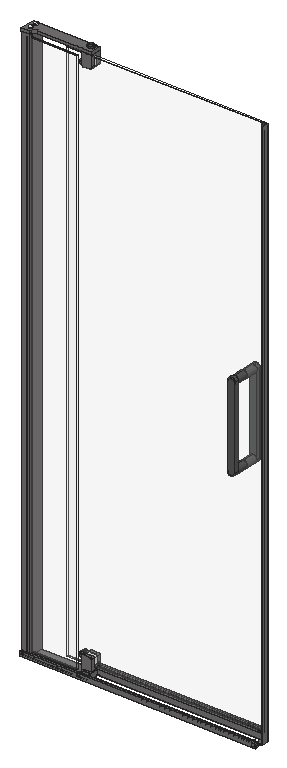
Revit family "Shower-Shower_Door-KOHLER-Revel-K-707506_1", category Specialty Equipment, host Face, Revit 2022 (continued)
Definition of nested family "K-707506"
  Automatic sketch dimensions
    Extrusion 1 sketch curve to Extrusion 1 sketch curve = 0.18081"
    Extrusion 1 sketch curve to Extrusion 1 sketch curve = 0.16905"
    Extrusion 2 sketch curve to plane 15 = 0"
    Extrusion 2 sketch curve to level = 0"
    Extrusion 2 sketch curve to Extrusion 2 sketch curve = 0.02565"
    Extrusion 2 sketch curve to Extrusion 2 sketch curve = 0.04849"
    Extrusion 2 sketch curve to plane 15 = 0.06835"
    Extrusion 2 sketch curve to Extrusion 2 sketch curve = 0.01986"
    Extrusion 2 sketch curve to Extrusion 2 sketch curve = 0.13"
    Extrusion 2 sketch curve to Extrusion 2 sketch curve = 0.03"
    Extrusion 2 sketch curve to Extrusion 2 sketch curve = 0.02306"
    level to Extrusion 2 sketch curve = 0.06"
    plane 1 "Center (Front/Back)" to Extrusion 2 sketch curve = 0.33625"
    Extrusion 2 sketch curve to level = 0.00012"
    Extrusion 2 sketch curve to Extrusion 2 sketch curve = 0.05002"
    Extrusion 2 sketch curve to Extrusion 2 sketch curve = 0.06012"
    Extrusion 2 sketch curve to Extrusion 2 sketch curve = 0.238"
    Extrusion 2 sketch curve to Extrusion 2 sketch curve = 0.197"
    Extrusion 2 sketch curve to Extrusion 2 sketch curve = 0.03927"
    Extrusion 3 sketch curve to plane 15 = 0"
    Extrusion 3 sketch curve to plane 16 = 0"
    plane 15 to Extrusion 3 sketch curve = 0.01592"
    Extrusion 3 sketch curve to Extrusion 3 sketch curve = 0.01926"
    Extrusion 3 sketch curve to plane 15 = 0.27398"
    Extrusion 3 sketch curve to Extrusion 3 sketch curve = 0.02839"
    level to Extrusion 3 sketch curve = 0.12718"
    Extrusion 3 sketch curve to Extrusion 3 sketch curve = 0.02873"
    Extrusion 3 sketch curve to Extrusion 3 sketch curve = 0.00215"
    Extrusion 3 sketch curve to Extrusion 3 sketch curve = 0.01786"
    Extrusion 3 sketch curve to Extrusion 3 sketch curve = 0.03964"
    level to Extrusion 3 sketch curve = 0.02652"
    plane 1 "Center (Front/Back)" to Extrusion 3 sketch curve = 0.30312"
    Extrusion 3 sketch curve to level = 0.00012"
    level to Extrusion 3 sketch curve = 0.03263"
    Extrusion 3 sketch curve to plane 1 "Center (Front/Back)" = 0.27012"
    Extrusion 3 sketch curve to Extrusion 3 sketch curve = 0.02863"
    level to Extrusion 3 sketch curve = 0.03588"
    Extrusion 3 sketch curve to Extrusion 3 sketch curve = 0.03586"
    Extrusion 3 sketch curve to Extrusion 3 sketch curve = 0.17605"
    plane 16 to Extrusion 3 sketch curve = 0.01936"
    Extrusion 6 sketch curve to plane 14 = 0"
    Extrusion 6 sketch curve to plane 15 = 0.20009"
    Extrusion 6 sketch curve to plane 18 = 0.45693"
    Extrusion 6 sketch curve to Extrusion 6 sketch curve = 0.09093"
    Extrusion 6 sketch curve to Extrusion 6 sketch curve = 0.51584"
    Extrusion 6 sketch curve to Extrusion 6 sketch curve = 0.07427"
    Extrusion 9 sketch curve to level = 0"
    Extrusion 9 sketch curve to plane 15 = 0.06835"
    Extrusion 9 sketch curve to Extrusion 9 sketch curve = 0.0575"
    Extrusion 9 sketch curve to Extrusion 9 sketch curve = 0.11628"
    Extrusion 9 sketch curve to Extrusion 9 sketch curve = 0.01"
    Extrusion 9 sketch curve to Extrusion 9 sketch curve = 0.0365"
    Extrusion 9 sketch curve to Extrusion 9 sketch curve = 0.03091"
    Extrusion 9 sketch curve to Extrusion 9 sketch curve = 0.05911"
    Extrusion 9 sketch curve to Extrusion 9 sketch curve = 0.03497"
    Extrusion 9 sketch curve to Extrusion 9 sketch curve = 0.04573"
    Extrusion 9 sketch curve to plane 16 = 0.00492"
    plane 1 "Center (Front/Back)" to Extrusion 9 sketch curve = 0.2715"
    Extrusion 9 sketch curve to plane 14 = 0.07674"
    Extrusion 9 sketch curve to Extrusion 9 sketch curve = 1/32"
    level to Extrusion 9 sketch curve = 0.13559"
    Extrusion 9 sketch curve to Extrusion 9 sketch curve = 0.01028"
    Extrusion 9 sketch curve to Extrusion 9 sketch curve = 0.05172"
    Extrusion 9 sketch curve to plane 16 = 0.14992"
    Extrusion 9 sketch curve to plane 16 = 0.0399"
    level to Extrusion 9 sketch curve = 1/16"
    plane 19 "A" to Extrusion 9 sketch curve = 0.17075"
    Extrusion 9 sketch curve to Extrusion 9 sketch curve = 0.06091"
    Extrusion 9 sketch curve to Extrusion 9 sketch curve = 0.04562"
    plane 5 to Extrusion 10 sketch curve = 0.28002"
    Extrusion 10 sketch curve to Extrusion 10 sketch curve = 0.03852"
    Extrusion 10 sketch curve to Extrusion 10 sketch curve = 0.24016"
    Extrusion 10 sketch curve to Extrusion 10 sketch curve = 0.77078"
    plane 16 to Extrusion 10 sketch curve = 0.16295"
    Extrusion 10 sketch curve to Extrusion 10 sketch curve = 1.17211"
    Extrusion 10 sketch curve to Extrusion 10 sketch curve = 0.23907"
    Extrusion 10 sketch curve to Extrusion 10 sketch curve = 1.40932"
    plane 16 to Extrusion 11 sketch curve = 0.46758"
    plane 1 "Center (Front/Back)" to Extrusion 11 sketch curve = 0.223"
    Extrusion 11 sketch curve to plane 20 "B" = 0.04449"
    Extrusion 11 sketch curve to Extrusion 11 sketch curve = 1.5748"
    plane 16 to Extrusion 12 sketch curve = 0.46758"
    Extrusion 12 sketch curve to Extrusion 12 sketch curve = 0.21938"
    Extrusion 12 sketch curve to Extrusion 12 sketch curve = 0.22047"
    plane 5 to Extrusion 12 sketch curve = 0.29971"
    Extrusion 12 sketch curve to Extrusion 12 sketch curve = 0.77078"
    Extrusion 12 sketch curve to Extrusion 12 sketch curve = 1.10384"
    plane 20 "B" to Revolve 13 sketch curve = 0.069"
    plane 20 "B" to Revolve 13 sketch curve = 0.02888"
    Revolve 13 sketch curve to plane 20 "B" = 0.14723"
    Revolve 13 sketch curve to Revolve 13 sketch curve = 0.03917"  (x2)
    plane 1 "Center (Front/Back)" to Revolve 13 sketch curve = 0.097"
    Revolve 13 sketch curve to Revolve 13 sketch curve = 0.17611"
    Revolve 13 sketch curve to plane 5 = 0.03234"  (x2)
    Revolve 13 sketch curve to plane 19 "A" = 0.19948"
    Revolve 13 sketch curve to plane 5 = 0.18945"
    Revolve 13 sketch curve to Revolve 13 sketch curve = 0.1116"  (x2)
    Revolve 13 sketch curve to Revolve 13 sketch curve = 0.00353"  (x2)
    Revolve 13 sketch curve to Revolve 13 sketch curve = 0.138"
    Revolve 13 sketch curve to Revolve 13 sketch curve = 0"
    plane 5 to Extrusion 14 sketch curve = 0.48346"
    Extrusion 14 sketch curve to Extrusion 14 sketch curve = 0.10908"  (x6)
    Extrusion 14 sketch curve to Extrusion 14 sketch curve = 0"  (x2)
    plane 21 "C" to Extrusion 14 sketch curve = 0.50302"  (x2)
    Extrusion 14 sketch curve to Extrusion 14 sketch curve = 0.40681"
    plane 21 "C" to Extrusion 14 sketch curve = 0.44004"
    Extrusion 14 sketch curve to Extrusion 14 sketch curve = 0.06298"  (x6)
    Extrusion 14 sketch curve to Extrusion 14 sketch curve = 0.12596"  (x5)
    Revolve 15 sketch curve to plane 5 = 0"  (x2)
    plane 20 "B" to Revolve 15 sketch curve = 0.07592"
    plane 20 "B" to Revolve 15 sketch curve = 0.0358"
    Revolve 15 sketch curve to plane 20 "B" = 0.14031"
    Revolve 15 sketch curve to Revolve 15 sketch curve = 0.03917"  (x2)
    plane 1 "Center (Front/Back)" to Revolve 15 sketch curve = 0.09007"
    Revolve 15 sketch curve to Revolve 15 sketch curve = 0.17611"
    Revolve 15 sketch curve to Revolve 15 sketch curve = 0.04012"
    Revolve 15 sketch curve to plane 5 = 0.15711"
    Revolve 15 sketch curve to Revolve 15 sketch curve = 0.1116"  (x2)
    Revolve 15 sketch curve to Revolve 15 sketch curve = 0.00353"  (x2)
    Revolve 15 sketch curve to Revolve 15 sketch curve = 0.04117"
    Revolve 15 sketch curve to Revolve 15 sketch curve = 0.03191"
    plane 1 "Center (Front/Back)" to Extrusion 16 sketch curve = 0.1776"
    plane 1 "Center (Front/Back)" to Extrusion 16 sketch curve = 0.13662"
    Extrusion 16 sketch curve to Extrusion 16 sketch curve = 0.01969"
    plane 1 "Center (Front/Back)" to Extrusion 16 sketch curve = 0.097"
    Extrusion 16 sketch curve to plane 1 "Center (Front/Back)" = 0.019"
    Extrusion 16 sketch curve to plane 1 "Center (Front/Back)" = 0.135"
    Extrusion 16 sketch curve to Extrusion 16 sketch curve = 0.01577"
    Extrusion 16 sketch curve to Extrusion 16 sketch curve = 0.06816"
    Extrusion 16 sketch curve to Extrusion 16 sketch curve = 0.02029"
    Extrusion 16 sketch curve to plane 20 "B" = 0.05981"
    Extrusion 16 sketch curve to plane 20 "B" = 0.04455"
    Extrusion 16 sketch curve to Extrusion 16 sketch curve = 0.00192"
    Extrusion 16 sketch curve to Extrusion 16 sketch curve = 0.02195"
    plane 20 "B" to Extrusion 16 sketch curve = 0.02709"
    plane 20 "B" to Extrusion 16 sketch curve = 0.1554"
    Extrusion 16 sketch curve to Extrusion 16 sketch curve = 0.13668"
    Extrusion 16 sketch curve to plane 14 = 0.10279"
    plane 12 to Extrusion 16 sketch curve = 0.13751"
    level to Extrusion 16 sketch curve = 0.02205"
    plane 16 to Extrusion 16 sketch curve = 0.38094"
    plane 16 to Extrusion 16 sketch curve = 0.46758"
    Extrusion 16 sketch curve to Extrusion 16 sketch curve = 0.05297"
    Extrusion 16 sketch curve to Extrusion 16 sketch curve = 0.08"
    Extrusion 16 sketch curve to Extrusion 16 sketch curve = 0.0482"  (x2)
    Extrusion 16 sketch curve to Extrusion 16 sketch curve = 0.00549"
    Extrusion 16 sketch curve to Extrusion 16 sketch curve = 0.13016"
    Extrusion 16 sketch curve to Extrusion 16 sketch curve = 0.17562"
    Extrusion 16 sketch curve to Extrusion 16 sketch curve = 0.03365"
    Extrusion 16 sketch curve to Extrusion 16 sketch curve = 0.22138"
    Extrusion 16 sketch curve to Extrusion 16 sketch curve = 0.42658"
    Extrusion 16 sketch curve to Extrusion 16 sketch curve = 0.04739"
    Extrusion 16 sketch curve to plane 21 "C" = 0.6411"
    Extrusion 16 sketch curve to Extrusion 16 sketch curve = 0"  (x4)
    Extrusion 16 sketch curve to Extrusion 16 sketch curve = 0.02488"
    Extrusion 16 sketch curve to plane 20 "B" = 0.00715"
    Extrusion 16 sketch curve to Extrusion 16 sketch curve = 0.00661"
    Extrusion 16 sketch curve to Extrusion 16 sketch curve = 0.04025"
    plane 1 "Center (Front/Back)" to Extrusion 18 sketch curve = 0.22762"
    Extrusion 18 sketch curve to plane 20 "B" = 0.08637"
    Revolve 22 sketch curve to plane 11 = 0"
    plane 24 to Revolve 22 sketch curve = 0.24424"
    plane 12 to Revolve 22 sketch curve = 0.51403"
    Revolve 22 sketch curve to plane 1 "Center (Front/Back)" = 0.135"
    plane 1 "Center (Front/Back)" to Revolve 22 sketch curve = 0.097"
    Revolve 22 sketch curve to plane 15 = 0.05765"
    Revolve 22 sketch curve to plane 12 = 1.06078"
    Revolve 22 sketch curve to Revolve 22 sketch curve = 0.3937"
    plane 1 "Center (Front/Back)" to Revolve 23 sketch curve = 0.097"
    Revolve 23 sketch curve to plane 25 = 0.24424"
    Revolve 23 sketch curve to plane 1 "Center (Front/Back)" = 0.135"
    plane 12 to Revolve 23 sketch curve = 0.51403"
    Revolve 23 sketch curve to plane 15 = 0.05765"
    Revolve 23 sketch curve to plane 12 = 3.81668"
    Revolve 23 sketch curve to Revolve 23 sketch curve = 0.7874"
    Sweep 24 sketch curve to profile plane = 0"
    Sweep 24 sketch curve to profile plane = 0.03819"
    Sweep 24 sketch curve to Sweep 24 sketch curve = 0.03217"
    plane 1 "Center (Front/Back)" to Sweep 24 sketch curve = 1.47495"
    Sweep 24 sketch curve to Sweep 24 sketch curve = 0.48457"
    Extrusion 25 sketch curve to plane 25 = 0"
    Sweep 26 sketch curve to profile plane = 0"
    profile plane to Sweep 26 sketch curve = 0.03596"
    Sweep 26 sketch curve to plane 1 "Center (Front/Back)" = 2.10994"
    Sweep 26 sketch curve to Sweep 26 sketch curve = 0.47807"
    Sweep 26 sketch curve to Sweep 26 sketch curve = 0.04726"
    Extrusion 27 sketch curve to plane 24 = 0"
    Extrusion 27 sketch curve to plane 25 = 0"
    plane 5 to Extrusion 28 sketch curve = 0.88913"
    plane 1 "Center (Front/Back)" to Extrusion 28 sketch curve = 0"
    plane 18 to Extrusion 5 sketch curve = 0.07962"  (x2)
    Extrusion 5 sketch curve to plane 18 = 0.12868"
    Extrusion 5 sketch curve to plane 5 = 61/256"
    Extrusion 5 sketch curve to plane 5 = 0.03"  (x2)
    Extrusion 5 sketch curve to plane 15 = 0.4581"
    Extrusion 5 sketch curve to Extrusion 5 sketch curve = 0.11575"
    Extrusion 4 sketch curve to plane 4 = 0"  (x3)
    Extrusion 4 sketch curve to Extrusion 4 sketch curve = 0.0602"  (x3)
    plane 18 to Extrusion 4 sketch curve = 0.07962"  (x2)
    Extrusion 4 sketch curve to plane 18 = 0.12868"
    Extrusion 4 sketch curve to Extrusion 4 sketch curve = 0.35216"
    Extrusion 4 sketch curve to plane 14 = 0.06541"
    Extrusion 4 sketch curve to plane 18 = 0.48463"
    Extrusion 4 sketch curve to Extrusion 4 sketch curve = 0.08028"
    Extrusion 4 sketch curve to plane 20 "B" = 0.05739"
    Extrusion 4 sketch curve to Extrusion 4 sketch curve = 0.06414"
    Extrusion 4 sketch curve to plane 19 "A" = 0.12285"
    Extrusion 4 sketch curve to plane 19 "A" = 0.05862"
    plane 19 "A" to Extrusion 4 sketch curve = 0.29112"
    Extrusion 4 sketch curve to Extrusion 4 sketch curve = 0.11575"
    Extrusion 4 sketch curve to plane 15 = 0.32135"
    Extrusion 4 sketch curve to Extrusion 4 sketch curve = 0.063"
    Revolve 7 sketch curve to plane 7 = 0.10388"
    Revolve 7 sketch curve to Revolve 7 sketch curve = 0.03277"
    Revolve 7 sketch curve to Revolve 7 sketch curve = 0.17753"
    Revolve 7 sketch curve to plane 26 = 0.02929"
    Revolve 7 sketch curve to Revolve 7 sketch curve = 0.2419"
    Revolve 8 sketch curve to Revolve 8 sketch curve = 0.03277"
    Revolve 8 sketch curve to Revolve 8 sketch curve = 0.17753"
    Revolve 8 sketch curve to plane 7 = 0.10388"
    plane 26 to Revolve 8 sketch curve = 0.01062"
    Revolve 8 sketch curve to plane 26 = 0.13893"
    Extrusion 17 sketch curve to Extrusion 17 sketch curve = 0.03321"  (x2)
    plane 9 "D" to Extrusion 17 sketch curve = 0.02692"  (x2)
    plane 5 to Extrusion 17 sketch curve = 1.51598"
    plane 5 to Extrusion 17 sketch curve = 0.51469"
    plane 5 to Extrusion 19 sketch curve = 0.28196"
    plane 9 "D" to Extrusion 19 sketch curve = 0.02692"  (x2)
    Extrusion 19 sketch curve to Extrusion 19 sketch curve = 0.23273"
    Extrusion 19 sketch curve to Extrusion 19 sketch curve = 0.74888"
    plane 23 to Extrusion 21 sketch curve = 0.06719"  (x4)
    plane 5 to Extrusion 21 sketch curve = 0.46627"
    Extrusion 21 sketch curve to plane 23 = 0.12174"  (x2)
    Extrusion 21 sketch curve to Extrusion 21 sketch curve = 0.10908"  (x7)
    plane 23 to Extrusion 21 sketch curve = 0.00422"  (x2)
    Extrusion 21 sketch curve to plane 22 = 0.12366"  (x2)
    Extrusion 21 sketch curve to Extrusion 21 sketch curve = 0.40862"
    Extrusion 21 sketch curve to Extrusion 21 sketch curve = 0"
    Extrusion 21 sketch curve to plane 23 = 0.05876"  (x4)
    Masking region 1 sketch curve to Masking region 1 sketch curve = 0"  (x2)
    plane 18 to Masking region 1 sketch curve = 0"
    Masking region 1 sketch curve to plane 7 = 0"  (x2)
    Masking region 1 sketch curve to plane 5 = 0"
    Masking region 1 sketch curve to plane 26 = 0"
    Masking region 1 sketch curve to plane 16 = 0"  (x2)
    Masking region 1 sketch curve to plane 8 = 0"
    Masking region 1 sketch curve to plane 17 = 0"
    Masking region 1 sketch curve to level = 0"
    plane 18 to Masking region 1 sketch curve = 0.246"
    Masking region 1 sketch curve to plane 18 = 0.246"
    plane 5 to Masking region 1 sketch curve = 0.26228"
    Masking region 1 sketch curve to plane 8 = 0.07121"  (x2)
    Masking region 1 sketch curve to Masking region 1 sketch curve = 0.00478"
    Masking region 1 sketch curve to Masking region 1 sketch curve = 0.28002"
    Masking region 1 sketch curve to Masking region 1 sketch curve = 0.03852"
    Masking region 1 sketch curve to Masking region 1 sketch curve = 0.11286"  (x2)
    plane 7 to Masking region 1 sketch curve = 0.1409"  (x2)
    plane 26 to Masking region 1 sketch curve = 0.16051"  (x2)
    Masking region 1 sketch curve to Masking region 1 sketch curve = 0.03457"  (x2)
    plane 26 to Masking region 1 sketch curve = 0.02092"  (x2)
    Masking region 1 sketch curve to Masking region 1 sketch curve = 0.01962"
    plane 26 to Masking region 1 sketch curve = 0.02431"
    plane 16 to Masking region 1 sketch curve = 0.12358"  (x2)
    Masking region 1 sketch curve to Masking region 1 sketch curve = 0.33436"
    Masking region 1 sketch curve to Masking region 1 sketch curve = 0.27402"  (x2)
    Masking region 1 sketch curve to Masking region 1 sketch curve = 23/256"  (x2)
    Masking region 1 sketch curve to Masking region 1 sketch curve = 0.47038"  (x2)
    Masking region 1 sketch curve to Masking region 1 sketch curve = 0.47244"
    Masking region 1 sketch curve to Masking region 1 sketch curve = 0.04616"
    Masking region 1 sketch curve to Masking region 1 sketch curve = 0.02407"
    Masking region 1 sketch curve to Masking region 1 sketch curve = 0.3653"
    Masking region 1 sketch curve to Masking region 1 sketch curve = 0.11765"
    Masking region 1 sketch curve to Masking region 1 sketch curve = 0.03937"  (x2)
    Masking region 1 sketch curve to Masking region 1 sketch curve = 0.32607"
    Masking region 1 sketch curve to Masking region 1 sketch curve = 0.30548"
    Masking region 1 sketch curve to Masking region 1 sketch curve = 0.09599"  (x2)
    Masking region 1 sketch curve to plane 7 = 0.10415"
    Masking region 1 sketch curve to Masking region 1 sketch curve = 0.03277"
    Masking region 2 sketch curve to Masking region 2 sketch curve = 0"  (x6)
    Masking region 2 sketch curve to level = 0"  (x2)
    Masking region 2 sketch curve to plane 15 = 0"  (x2)
    Masking region 2 sketch curve to plane 10 = 0"
    Masking region 2 sketch curve to plane 12 = 0"
    Masking region 2 sketch curve to plane 13 = 0"
    Masking region 2 sketch curve to plane 11 = 0"  (x2)
    Masking region 2 sketch curve to plane 8 = 0"
    Masking region 2 sketch curve to plane 19 "A" = 0"
    Masking region 2 sketch curve to plane 20 "B" = 0"
    Masking region 2 sketch curve to plane 7 = 0"  (x2)
    Masking region 2 sketch curve to plane 14 = 0"
    Masking region 2 sketch curve to level = 0.00012"
    level to Masking region 2 sketch curve = 0.01986"
    Masking region 2 sketch curve to Masking region 2 sketch curve = 0.0269"
    level to Masking region 2 sketch curve = 0.03588"
    Masking region 2 sketch curve to Masking region 2 sketch curve = 0.0331"
    Masking region 2 sketch curve to Masking region 2 sketch curve = 0.00251"
    Masking region 2 sketch curve to Masking region 2 sketch curve = 0.05002"
    Masking region 2 sketch curve to Masking region 2 sketch curve = 0.06012"
    Masking region 2 sketch curve to Masking region 2 sketch curve = 0.0053"
    level to Masking region 2 sketch curve = 0.21702"
    Masking region 2 sketch curve to Masking region 2 sketch curve = 0.03298"  (x2)
    Masking region 2 sketch curve to Masking region 2 sketch curve = 0.12887"
    Masking region 2 sketch curve to Masking region 2 sketch curve = 0.04783"
    Masking region 2 sketch curve to Masking region 2 sketch curve = 0.04523"
    Masking region 2 sketch curve to Masking region 2 sketch curve = 0.056"
    Masking region 2 sketch curve to Masking region 2 sketch curve = 0.112"
    Masking region 2 sketch curve to plane 16 = 0.06492"
    plane 16 to Masking region 2 sketch curve = 0.01936"
    Masking region 2 sketch curve to Masking region 2 sketch curve = 0.0226"
    Masking region 2 sketch curve to plane 14 = 0.01249"  (x4)
    plane 16 to Masking region 2 sketch curve = 0.12358"
    plane 14 to Masking region 2 sketch curve = 0.03695"  (x2)
    Masking region 2 sketch curve to Masking region 2 sketch curve = 0.65502"
    plane 21 "C" to Masking region 2 sketch curve = 0.37702"
    Masking region 2 sketch curve to plane 21 "C" = 0.278"
    Masking region 2 sketch curve to Masking region 2 sketch curve = 0.03937"
    Masking region 2 sketch curve to Masking region 2 sketch curve = 0.04189"
    Masking region 2 sketch curve to plane 15 = 0.05765"
    plane 25 to Masking region 2 sketch curve = 0.49008"
    Masking region 2 sketch curve to plane 14 = 0.06541"  (x3)
    plane 25 to Masking region 2 sketch curve = 0.49213"
    Masking region 2 sketch curve to plane 24 = 0.49213"  (x2)
    Masking region 2 sketch curve to plane 11 = 0.03937"
    Masking region 2 sketch curve to plane 11 = 0.03773"
    plane 9 "D" to Masking region 2 sketch curve = 0.27933"
    Masking region 2 sketch curve to plane 23 = 0.18476"
    Masking region 2 sketch curve to plane 22 = 0.06065"
    Masking region 2 sketch curve to plane 8 = 0.13399"
    Masking region 2 sketch curve to plane 7 = 0.10301"  (x2)
    Masking region 2 sketch curve to Masking region 2 sketch curve = 0.03265"  (x3)
    plane 20 "B" to Masking region 2 sketch curve = 0.05679"
    plane 7 to Masking region 2 sketch curve = 0.17155"
    plane 20 "B" to Masking region 2 sketch curve = 0.03811"
    Masking region 2 sketch curve to Masking region 2 sketch curve = 0.03235"
    plane 26 to Masking region 2 sketch curve = 0.03296"  (x2)
    plane 26 to Masking region 2 sketch curve = 0.02837"  (x2)
    plane 12 to Masking region 2 sketch curve = 0.51403"
    Masking region 2 sketch curve to Masking region 2 sketch curve = 0.05292"  (x2)
    Masking region 2 sketch curve to plane 14 = 0.07674"
    plane 20 "B" to Masking region 2 sketch curve = 0.00335"
    Masking region 2 sketch curve to plane 20 "B" = 0.01523"
    plane 1 "Center (Front/Back)" to Masking region 2 sketch curve = 0.23689"
    Masking region 2 sketch curve to Masking region 2 sketch curve = 0.03674"
    Masking region 2 sketch curve to plane 19 "A" = 0.27565"
    Masking region 2 sketch curve to Masking region 2 sketch curve = 0.06964"
    Masking region 2 sketch curve to Masking region 2 sketch curve = 0.08795"
    Masking region 2 sketch curve to Masking region 2 sketch curve = 0.03313"
    Masking region 2 sketch curve to Masking region 2 sketch curve = 0.03477"
    Masking region 2 sketch curve to plane 15 = 0.25835"  (x2)
    Masking region 2 sketch curve to Masking region 2 sketch curve = 0.2007"
    Masking region 2 sketch curve to plane 15 = 0.25635"
    Masking region 2 sketch curve to Masking region 2 sketch curve = 0.028"
    Masking region 2 sketch curve to Masking region 2 sketch curve = 0.0365"
    Masking region 2 sketch curve to plane 15 = 0.20009"
    Masking region 2 sketch curve to Masking region 2 sketch curve = 0.01419"
    Masking region 2 sketch curve to Masking region 2 sketch curve = 0.00901"
    Masking region 2 sketch curve to Masking region 2 sketch curve = 0.0575"
    Masking region 2 sketch curve to plane 15 = 0.06835"  (x2)
    plane 15 to Masking region 2 sketch curve = 0.01592"
    curve 42 to level = 0"
    curve 41 to plane 15 = 0"
    curve 40 to plane 16 = 0"
    curve 53 to plane 10 = 0"
    curve 55 to plane 10 = 0"
    curve 56 to plane 10 = 0"
    curve 54 to plane 10 = 0"
    curve 60 to plane 11 = 0"
    curve 57 to plane 11 = 0"
    curve 59 to plane 11 = 0"
    curve 58 to plane 11 = 0"
    curve 50 to plane 8 = 0"
    curve 64 to plane 7 = 0"
    curve 65 to plane 7 = 0"
    level to curve 38 = 1/4"
    curve 41 to curve 41 = 0.02565"
    curve 39 to plane 16 = 0.02306"
    curve 69 to plane 20 "B" = 0.00166"
    curve 69 to plane 7 = 0.10106"
    curve 67 to curve 67 = 0.03265"
    curve 67 to plane 1 "Center (Front/Back)" = 0.07518"
    curve 38 to plane 15 = 0.25835"
    level to curve 44 = 0.06988"
    curve 44 to curve 44 = 0.06012"
    curve 44 to curve 43 = 0.13028"
    curve 43 to curve 41 = 0.12427"
    curve 40 to curve 38 = 0.04195"
    plane 16 to curve 45 = 0.12358"
    curve 46 to plane 14 = 0.01249"
    curve 45 to curve 46 = 0.65502"
    plane 21 "C" to curve 46 = 0.37702"
    curve 45 to plane 14 = 0.06541"
    curve 45 to plane 21 "C" = 0.278"
    curve 56 to plane 15 = 0.05765"
    plane 25 to curve 56 = 0.49008"
    curve 56 to curve 54 = 0"
    curve 53 to plane 14 = 0.06541"
    plane 25 to curve 53 = 0.49213"
    plane 25 to curve 55 = 0.49213"
    curve 57 to plane 14 = 0.06541"
    curve 57 to plane 24 = 0.49213"
    curve 60 to plane 15 = 0.05765"
    curve 60 to plane 24 = 0.49213"
    curve 60 to curve 59 = 0"
    curve 58 to plane 24 = 0.49213"
    curve 61 to plane 14 = 0.06541"
    plane 9 "D" to curve 61 = 0.27933"
    curve 62 to plane 14 = 0.01249"
    curve 62 to plane 23 = 0.18476"
    curve 62 to plane 22 = 0.06065"
    curve 61 to plane 8 = 0.13399"
    curve 65 to curve 66 = 0.03265"
    curve 71 to plane 20 "B" = 0.14018"
    plane 20 "B" to curve 69 = 0.05679"
    plane 20 "B" to curve 70 = 0.00355"
    curve 69 to curve 70 = 0.03235"
    curve 47 to plane 14 = 0.14569"
    curve 64 to plane 14 = 0.14464"
    curve 68 to curve 64 = 0"
    curve 37 to curve 47 = 0.03597"
    curve 63 to plane 14 = 0.06541"
    plane 12 to curve 55 = 0.51403"
    plane 12 to curve 58 = 0.51403"
    curve 48 to plane 20 "B" = 0.05739"
    curve 48 to curve 49 = 0.06414"
    plane 1 "Center (Front/Back)" to curve 71 = 0.23519"
    curve 71 to curve 64 = 0.0017"
    curve 64 to curve 66 = 0.06964"
    curve 65 to curve 66 = 0"
    curve 71 to curve 70 = 0.08965"
    curve 50 to plane 19 "A" = 0.12285"
    curve 51 to plane 19 "A" = 0.05862"
    plane 19 "A" to curve 65 = 0.24536"
    curve 66 to curve 65 = 0"
    curve 52 to plane 15 = 0.32135"
    curve 54 to curve 56 = 0.2007"
    curve 59 to curve 60 = 0.2007"
    curve 52 to curve 63 = 0.063"
    curve 43 to plane 15 = 0.06835"
    curve 44 to plane 15 = 0.06835"
    Extrusion 29 sketch curve to plane 1 "Center (Front/Back)" = 0.03132"
    plane 5 to Extrusion 29 sketch curve = 0.88903"
    plane 1 "Center (Front/Back)" to Extrusion 29 sketch curve = 0.04856"
    Extrusion 29 sketch curve to Extrusion 29 sketch curve = 0.45301"
    Extrusion 29 sketch curve to plane 14 = 0.07796"
    Extrusion 29 sketch curve to Extrusion 29 sketch curve = 0.10619"
    plane 1 "Center (Front/Back)" to Extrusion 29 sketch curve = 0.02225"
    Extrusion 29 sketch curve to Extrusion 29 sketch curve = 0.1492"
    Extrusion 29 sketch curve to Extrusion 29 sketch curve = 0.02631"
    Extrusion 29 sketch curve to Extrusion 29 sketch curve = 0"  (x2)
    plane 20 "B" to Extrusion 29 sketch curve = 0.01364"
    Extrusion 30 sketch curve to Extrusion 30 sketch curve = 0"  (x2)
    plane 20 "B" to Extrusion 30 sketch curve = 0.16983"
    plane 5 to Extrusion 30 sketch curve = 0.88903"
    plane 19 "A" to Extrusion 33 sketch curve = 0.29112"
    Extrusion 33 sketch curve to plane 14 = 0.06541"
    plane 18 to Extrusion 33 sketch curve = 0.07962"  (x2)
    Extrusion 33 sketch curve to plane 18 = 0.12868"
    Extrusion 33 sketch curve to Extrusion 33 sketch curve = 0.11575"
    Extrusion 33 sketch curve to Extrusion 33 sketch curve = 0.19975"
    Extrusion 34 sketch curve to level = 0"
    Extrusion 34 sketch curve to plane 14 = 0.07674"
    Extrusion 34 sketch curve to Extrusion 34 sketch curve = 1/4"
    Extrusion 34 sketch curve to plane 16 = 0"
    Extrusion 34 sketch curve to plane 15 = 0.25835"
    Extrusion 34 sketch curve to plane 15 = 0"
    plane 1 "Center (Front/Back)" to Extrusion 20 sketch curve = 0.00425"
    Extrusion 20 sketch curve to plane 5 = 2.07363"
    Extrusion 20 sketch curve to Extrusion 20 sketch curve = 0"
    Extrusion 20 sketch curve to Extrusion 20 sketch curve = 0.19516"  (x2)
    plane 1 "Center (Front/Back)" to Extrusion 20 sketch curve = 0.1605"
    Extrusion 20 sketch curve to plane 1 "Center (Front/Back)" = 0.152"
    Masking region 3 sketch curve to plane 14 = 0"  (x3)
    Masking region 3 sketch curve to plane 27 = 0"  (x2)
    plane 15 to Masking region 3 sketch curve = 0"  (x2)
    plane 12 to Masking region 3 sketch curve = 0"
    plane 13 to Masking region 3 sketch curve = 0"
    Masking region 3 sketch curve to plane 6 "K" = 0"
    plane 5 to Masking region 3 sketch curve = 0.38638"
    plane 14 to Masking region 3 sketch curve = 0.03695"  (x2)
    Masking region 3 sketch curve to Masking region 3 sketch curve = 0.3937"
    Masking region 3 sketch curve to Masking region 3 sketch curve = 0.23449"
    Masking region 3 sketch curve to plane 27 = 0.1683"
    Masking region 3 sketch curve to plane 13 = 0.05243"  (x2)
    Masking region 3 sketch curve to plane 6 "K" = 0.49213"  (x3)
    Masking region 3 sketch curve to plane 19 "A" = 0.21563"  (x2)
    plane 12 to Masking region 3 sketch curve = 0.03693"  (x2)
    plane 6 "K" to Masking region 3 sketch curve = 0.4397"
    plane 6 "K" to Masking region 3 sketch curve = 0.4552"
    plane 6 "K" to Masking region 3 sketch curve = 0.49213"
    plane 15 to Masking region 3 sketch curve = 0.03852"
    Masking region 3 sketch curve to Masking region 3 sketch curve = 0.15865"  (x2)
    Masking region 3 sketch curve to plane 14 = 0.19046"
    Masking region 3 sketch curve to Masking region 3 sketch curve = 0.19046"
    Extrusion 35 sketch curve to plane 28 = 0.0305"
    Extrusion 35 sketch curve to plane 28 = 0.03401"
    Extrusion 35 sketch curve to Extrusion 35 sketch curve = 0.03528"
    plane 30 to Extrusion 35 sketch curve = 0.03753"
    plane 30 to Extrusion 35 sketch curve = 0.01307"
    plane 31 to Extrusion 35 sketch curve = 0.16509"
    plane 31 to Extrusion 35 sketch curve = 0.08389"
    Extrusion 35 sketch curve to plane 20 "B" = 0.03683"  (x2)
    plane 31 to Extrusion 35 sketch curve = 0.07207"
    plane 31 to Extrusion 35 sketch curve = 0.03056"
    Extrusion 35 sketch curve to Extrusion 35 sketch curve = 0.00633"
    plane 31 to Extrusion 35 sketch curve = 0.01322"
    Extrusion 35 sketch curve to plane 31 = 0.03365"
    Extrusion 35 sketch curve to plane 29 = 0.05794"
    Extrusion 35 sketch curve to Extrusion 35 sketch curve = 0.11878"
    Extrusion 35 sketch curve to Extrusion 35 sketch curve = 0.00927"
    Extrusion 35 sketch curve to Extrusion 35 sketch curve = 0.06544"
    plane 1 "Center (Front/Back)" to Extrusion 35 sketch curve = 0.1617"
    Extrusion 35 sketch curve to plane 19 "A" = 0.03474"
    Extrusion 35 sketch curve to plane 20 "B" = 0.03232"
    Extrusion 35 sketch curve to Extrusion 35 sketch curve = 0.00967"
    Extrusion 35 sketch curve to Extrusion 35 sketch curve = 0.03702"
    plane 31 to Extrusion 35 sketch curve = 0.15086"
    Extrusion 35 sketch curve to Extrusion 35 sketch curve = 0.02441"
    Masking region 2 sketch curve to Masking region 2 sketch curve = 0.10825"
    Masking region 2 sketch curve to Masking region 2 sketch curve = 0.063"
    Revolve 36 sketch curve to plane 26 = 0"
    Revolve 36 sketch curve to plane 8 = 0.07121"
    plane 5 to Revolve 36 sketch curve = 0.26706"
    plane 7 to Revolve 36 sketch curve = 0.1409"
    plane 5 to Revolve 36 sketch curve = 0.52953"
    plane 26 to Revolve 36 sketch curve = 0.16051"
    Revolve 36 sketch curve to Revolve 36 sketch curve = 0.03457"
    plane 26 to Revolve 36 sketch curve = 0.02391"
    Revolve 36 sketch curve to Revolve 36 sketch curve = 0.0192"
    plane 26 to Revolve 36 sketch curve = 0.02777"
    Revolve 36 sketch curve to Revolve 36 sketch curve = 0.38688"
    Revolve 36 sketch curve to Revolve 36 sketch curve = 0.0629"
    Revolve 36 sketch curve to Revolve 36 sketch curve = 0.23519"
    Revolve 36 sketch curve to plane 8 = 0.13399"
    plane 26 to Revolve 36 sketch curve = 0.0456"
    Revolve 36 sketch curve to Revolve 36 sketch curve = 0"  (x2)
    Revolve 36 sketch curve to plane 26 = 0.2969"
    Masking region 3 sketch curve to plane 28 = 0.0305"
    Masking region 3 sketch curve to plane 20 "B" = 0.03232"
    Masking region 3 sketch curve to plane 31 = 0"
    Masking region 1 sketch curve to plane 28 = 0"
    Masking region 3 sketch curve to plane 19 "A" = 0.03474"
    curve 91 to curve 93 = 0"  (x2)
    curve 93 to curve 95 = 0"
    curve 94 to curve 95 = 0"
    curve 145 to curve 146 = 0"  (x2)
    curve 80 to plane 4 = 0"
    curve 74 to plane 14 = 0"
    plane 1 "Center (Front/Back)" to curve 93 = 0"
    curve 75 to plane 14 = 0"
    curve 148 to plane 27 = 0"
    curve 78 to plane 27 = 0"
    plane 15 to curve 135 = 0"
    plane 15 to curve 136 = 0"
    plane 15 to curve 150 = 0"
    curve 150 to plane 29 = 0"
    curve 159 to plane 31 = 0"
    curve 169 to plane 28 = 0"
    plane 19 "A" to curve 131 = 0.03673"
    plane 18 to curve 131 = 0.13423"
    plane 20 "B" to curve 116 = 0.03673"
    plane 18 to curve 116 = 0.13423"
    plane 18 to curve 128 = 0.03673"
    plane 18 to curve 129 = 0.03673"
    plane 18 to curve 111 = 0.03673"
    plane 18 to curve 109 = 0.03673"
    curve 121 to plane 18 = 0.03673"
    curve 123 to plane 18 = 0.03673"
    curve 118 to plane 18 = 0.03673"
    curve 112 to plane 18 = 0.03673"
    plane 20 "B" to curve 112 = 0.03673"
    curve 110 to curve 112 = 0.0975"
    plane 19 "A" to curve 126 = 0.03673"
    curve 126 to curve 126 = 0.0975"
    curve 80 to curve 81 = 0.09093"
    curve 85 to plane 5 = 61/256"
    curve 83 to plane 5 = 0.03"
    curve 84 to plane 5 = 0.03"
    plane 1 "Center (Front/Back)" to curve 102 = 0.02884"
    plane 5 to curve 102 = 0.76063"
    plane 20 "B" to curve 141 = 0.16284"
    curve 102 to curve 141 = 0.04852"
    curve 102 to curve 107 = 0.09966"
    curve 102 to curve 97 = 0.09966"
    curve 141 to curve 146 = 0.07988"
    curve 96 to curve 140 = 0.02874"
    curve 140 to curve 94 = 0.0001"
    curve 96 to curve 97 = 0.05769"
    curve 91 to curve 106 = 0.02884"
    plane 1 "Center (Front/Back)" to curve 101 = 0.02884"
    curve 103 to curve 101 = 0.09966"
    plane 1 "Center (Front/Back)" to curve 142 = 0.04856"
    curve 142 to plane 27 = 0.23277"
    curve 157 to plane 31 = 0.03365"
    plane 31 to curve 164 = 0.01322"
    plane 31 to curve 156 = 0.02423"
    curve 156 to curve 154 = 0.00633"
    curve 164 to plane 20 "B" = 0.03683"
    curve 155 to curve 164 = 0.05885"
    plane 31 to curve 155 = 0.08389"
    plane 1 "Center (Front/Back)" to curve 160 = 0.00425"
    curve 155 to curve 160 = 0.02009"
    plane 31 to curve 162 = 0.15086"
    curve 162 to curve 163 = 0.02441"
    curve 148 to plane 30 = 0.05767"
    curve 147 to plane 30 = 0.05767"
    plane 30 to curve 169 = 0.01307"
    plane 30 to curve 161 = 0.03753"
    curve 171 to curve 168 = 0.03177"
    curve 80 to curve 79 = 0.1652"
    curve 84 to plane 15 = 0.4581"
    curve 84 to curve 85 = 0.11575"
    curve 123 to curve 126 = 0.0975"
    curve 169 to plane 19 "A" = 0.03474"
    curve 124 to plane 19 "A" = 0.03673"
    curve 127 to plane 19 "A" = 0.03673"
    curve 169 to curve 168 = 0.03702"
    curve 122 to curve 121 = 0.0975"
    plane 1 "Center (Front/Back)" to curve 162 = 0.18411"
    curve 163 to curve 148 = 0.02361"
    curve 104 to curve 104 = 0.09966"
    curve 96 to plane 1 "Center (Front/Back)" = 0.02884"
    curve 101 to plane 1 "Center (Front/Back)" = 0.02884"
    curve 96 to curve 140 = 0.00248"
    curve 155 to plane 1 "Center (Front/Back)" = 0.09118"
    curve 99 to curve 97 = 0.09966"
    curve 155 to curve 154 = 0.06544"
    curve 154 to curve 156 = 0.00927"
    curve 117 to plane 20 "B" = 0.13423"
    curve 117 to plane 20 "B" = 0.03673"
    curve 113 to plane 20 "B" = 0.03673"
    curve 158 to curve 157 = 0.0175"
    curve 110 to curve 110 = 0.0975"
    curve 141 to curve 146 = 0.00699"
    curve 88 to curve 81 = 0.00607"
    plane 5 to curve 87 = 0.27052"
    plane 5 to curve 74 = 0.38638"
    curve 93 to curve 102 = 0.2311"
    curve 92 to curve 102 = 0.08693"
    plane 20 "B" to curve 141 = 0.01706"
    curve 74 to curve 141 = 0.00276"
    curve 140 to curve 141 = 0"
    curve 146 to curve 141 = 0.01712"
    curve 141 to curve 145 = 0.00256"
    curve 143 to curve 75 = 0.02854"
    plane 1 "Center (Front/Back)" to curve 142 = 0.13925"
    curve 75 to plane 27 = 0.1683"
    curve 90 to plane 27 = 0.04478"
    curve 133 to plane 6 "K" = 0.49213"
    curve 135 to plane 19 "A" = 0.21563"
    curve 135 to curve 133 = 0"
    curve 138 to plane 6 "K" = 0.49213"
    plane 6 "K" to curve 134 = 0.49213"
    plane 6 "K" to curve 138 = 0.49213"
    curve 137 to plane 15 = 0.05765"
    plane 6 "K" to curve 137 = 0.49213"
    curve 156 to plane 29 = 0.05792"
    curve 156 to curve 139 = 0.00498"
    curve 163 to curve 161 = 0.00888"
    curve 161 to curve 163 = 0.00079"
    curve 137 to curve 151 = 0.2007"
    curve 151 to curve 152 = 0.06438"
    curve 86 to curve 90 = 0.123"
    curve 89 to curve 87 = 0.11678"
    curve 150 to plane 19 "A" = 0.21563"
    curve 136 to plane 19 "A" = 0.21563"
    curve 77 to curve 148 = 0.17575"
    curve 76 to curve 148 = 0.06517"
    curve 147 to curve 132 = 0.05025"
    curve 76 to plane 14 = 0.19046"
    curve 134 to plane 14 = 0.19046"
    curve 133 to plane 14 = 0.19046"
    plane 12 to curve 138 = 0.51403"
    curve 35 to curve 36 = 0"
    plane 4 to curve 3 = 0"
    plane 4 to curve 5 = 0"
    curve 1 to plane 7 = 0"
    curve 4 to plane 16 = 0"
    curve 4 to plane 17 = 0"
    curve 3 to plane 8 = 0"
    curve 14 to plane 21 "C" = 0"
    curve 6 to plane 5 = 0"
    curve 5 to plane 5 = 0"
    curve 33 to plane 17 = 0"
    curve 13 to plane 16 = 0"
    curve 20 to plane 8 = 0"
    curve 23 to plane 7 = 0"
    curve 34 to plane 17 = 0"
    curve 15 to plane 16 = 0"
    curve 166 to plane 22 = 0"
    curve 165 to plane 30 = 0"
    curve 149 to plane 22 = 0"
    curve 149 to level = 0"
    curve 36 to plane 9 "D" = 0"
    curve 6 to plane 17 = 0"
    curve 14 to plane 5 = 0.03234"
    plane 9 "D" to curve 33 = 0.02692"
    plane 5 to curve 33 = 0.26228"
    curve 7 to plane 21 "C" = 0.03784"
    plane 5 to curve 7 = 0.28002"
    plane 9 "D" to curve 30 = 0.27933"
    curve 7 to curve 8 = 0.24016"
    plane 9 "D" to curve 32 = 0.02692"
    curve 32 to plane 27 = 0.31124"
    curve 10 to plane 21 "C" = 0.03893"
    curve 10 to plane 27 = 0.28385"
    plane 31 to curve 166 = 0.15086"
    plane 16 to curve 18 = 0.04195"
    plane 7 to curve 2 = 0.03277"
    plane 18 to curve 2 = 0.246"
    curve 2 to curve 1 = 0"  (x2)
    curve 1 to plane 18 = 0.246"
    curve 4 to plane 18 = 0.48083"
    curve 1 to curve 3 = 0.23863"
    plane 5 to curve 22 = 0.26706"
    curve 31 to curve 36 = 0.02188"
    plane 26 to curve 25 = 0.16051"
    plane 5 to curve 25 = 0.56409"
    plane 16 to curve 12 = 0.12358"
    curve 7 to curve 12 = 0.37288"
    curve 12 to curve 13 = 0"
    curve 25 to curve 24 = 23/256"
    curve 22 to curve 20 = 0.38688"
    curve 24 to curve 23 = 0"  (x2)
    curve 20 to curve 21 = 0"  (x2)
    curve 20 to plane 27 = 0.45049"
    plane 7 to curve 24 = 0.1409"
    curve 24 to plane 27 = 0.45049"
    curve 13 to curve 11 = 0.40467"
    curve 13 to curve 12 = 0.00481"
    curve 24 to curve 25 = 23/256"
    curve 22 to plane 27 = 0.06361"
    curve 15 to plane 27 = 0.04478"
    curve 167 to plane 29 = 0.05794"
    curve 17 to plane 28 = 0.05484"
    curve 16 to level = 0.00013"
    curve 18 to curve 15 = 0.13054"
    plane 16 to curve 11 = 0.16295"
    curve 167 to curve 167 = 0.42563"
    plane 16 to curve 7 = 0.46758"
    curve 6 to curve 7 = 0"
    plane 21 "C" to curve 14 = 0.31068"
    curve 35 to plane 9 "D" = 0.16965"
    curve 22 to plane 8 = 0.13399"
    curve 21 to plane 8 = 0.07121"
    radius of Extrusion 14 sketch curve = 0.18898"  (x2)
    radius of Extrusion 28 sketch curve = 0.23622"
    radius of Extrusion 21 sketch curve = 0.18898"  (x2)
    radius of Extrusion 30 sketch curve = 0.07731"
    radius of Extrusion 30 sketch curve = 0.097"
    radius of curve 95 = 0.32504"
Types (7): name | Type | Secondary Finish | Product Page URL | Product Documentation Link | Model | Handle Finish | Finish | Description
  (no name) | 1 | Kohler-Glass-L-Crystal_Clear | "http://www.us.kohler.com/us/catalog/productDetails.jsp?productId=707506-L" | "https://www.us.kohler.com/webassets/kpna/catalog/pdf/en/K-707506-L_spec_US-CA_Kohler_en.pdf" | "K-707506-L-ABZ" | Kohler-Metal-BL-Matte_Black | Kohler-Metal-ABZ-Anodized_Dark_Bronze | "Pivot shower door, 74inch H x 27-5/16 - 31-1/8inch W, with 5/16inch thick Crystal Clear glass"
  Clear Glass, ABZ-Anodized Dark Bronze | 1 | Kohler-Glass-L-Crystal_Clear | "http://www.us.kohler.com/us/catalog/productDetails.jsp?productId=707506-L" | "https://www.us.kohler.com/webassets/kpna/catalog/pdf/en/K-707506-L_spec_US-CA_Kohler_en.pdf" | "K-707506-L-ABZ" | Kohler-Metal-BL-Matte_Black | Kohler-Metal-ABZ-Anodized_Dark_Bronze | "Pivot shower door, 74inch H x 27-5/16 - 31-1/8inch W, with 5/16inch thick Crystal Clear glass"
  Clear Glass, BNK-Anodized Brushed Nickel | 2 | Kohler-Glass-L-Crystal_Clear | "http://www.us.kohler.com/us/catalog/productDetails.jsp?productId=707506-L" | "https://www.us.kohler.com/webassets/kpna/catalog/pdf/en/K-707506-L_spec_US-CA_Kohler_en.pdf" | "K-707506-L-BNK" | Kohler-Metal-BN-Vibrant_Brushed_Nickel | Kohler-Metal-BNK-Anodized_Brushed_Nickel | "Pivot shower door, 74inch H x 27-5/16 - 31-1/8inch W, with 5/16inch thick Crystal Clear glass"
  Clear Glass, SHP-Bright Polished Silver | 3 | Kohler-Glass-L-Crystal_Clear | "http://www.us.kohler.com/us/catalog/productDetails.jsp?productId=707506-L" | "https://www.us.kohler.com/webassets/kpna/catalog/pdf/en/K-707506-L_spec_US-CA_Kohler_en.pdf" | "K-707506-L-SHP" | Kohler-Metal-CP-Polished_Chrome | Kohler-Metal-SHP-Bright_Polished_Silver | "Pivot shower door, 74inch H x 27-5/16 - 31-1/8inch W, with 5/16inch thick Crystal Clear glass"
  Frosted Glass, ABZ-Anodized Dark Bronze | 4 | KOHLER-Frosted_Glass | "http://www.us.kohler.com/us/catalog/productDetails.jsp?productId=707506-D3" | "https://www.us.kohler.com/webassets/kpna/catalog/pdf/en/K-707506-D3_spec_US-CA_Kohler_en.pdf" | "K-707506-D3-ABZ" | Kohler-Metal-BL-Matte_Black | Kohler-Metal-ABZ-Anodized_Dark_Bronze | "Pivot shower door, 74inch H x 27-5/16 - 31-1/8inch W, with 5/16inch thick Frosted glass"
  Frosted Glass, BNK-Anodized Brushed Nickel | 5 | KOHLER-Frosted_Glass | "http://www.us.kohler.com/us/catalog/productDetails.jsp?productId=707506-D3" | "https://www.us.kohler.com/webassets/kpna/catalog/pdf/en/K-707506-D3_spec_US-CA_Kohler_en.pdf" | "K-707506-D3-BNK" | Kohler-Metal-BN-Vibrant_Brushed_Nickel | Kohler-Metal-BNK-Anodized_Brushed_Nickel | "Pivot shower door, 74inch H x 27-5/16 - 31-1/8inch W, with 5/16inch thick Frosted glass"
  Frosted Glass, SHP-Bright Polished Silver | 6 | KOHLER-Frosted_Glass | "http://www.us.kohler.com/us/catalog/productDetails.jsp?productId=707506-D3" | "https://www.us.kohler.com/webassets/kpna/catalog/pdf/en/K-707506-D3_spec_US-CA_Kohler_en.pdf" | "K-707506-D3-SHP" | Kohler-Metal-CP-Polished_Chrome | Kohler-Metal-SHP-Bright_Polished_Silver | "Pivot shower door, 74inch H x 27-5/16 - 31-1/8inch W, with 5/16inch thick Frosted glass"
